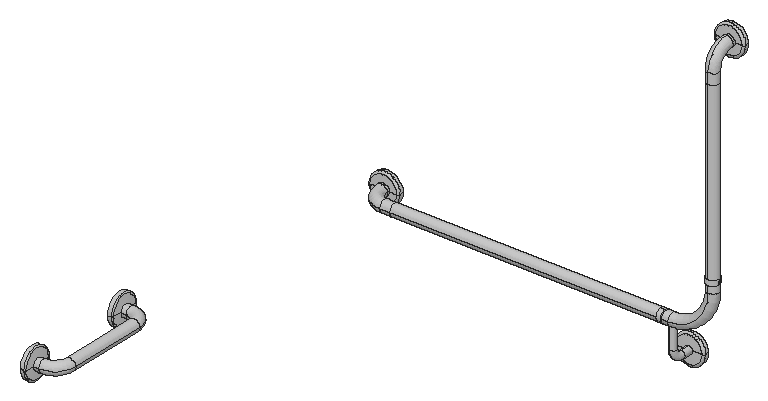
Revit family "RBA4901-300", category Plumbing Fixtures, Revit 2021
Family settings
  Round Connector Dimension = Use Diameter
  Part Type = Normal
  Work Plane-Based = No
  Always vertical = No
  Cut with Voids When Loaded = No
  Shared = No
  Room Calculation Point = No
Parameters
  Watermarked By = "www.rba.com.au"
  URL = "rba.com.au/product-category/accessible-disabled/grab-rails/"
  Phone Number = "1300 788 778"
  OFFSET = 800.00 mm
  Model = "RBA4901-300"
  Materials and Finishes = Stainless Steel Satin Finish
  Manufacturer Model = ""
  Manufacturer = "RBA Group"
  Distance Away from Wall [instance] = 100.00 mm
  Distance Away from Toilet [instance] = 1090.00 mm
  Description = "Steri+Shield™ LH Accessible Rail + 300mm Straight Kit | Satin Finish"
  Default Elevation = 0.00 mm
  Copyrighted by = "RBA Group"  # constant formula
  Assembly Code = ""
Reference planes
  plane 1 "Center (Front/Back)": y = 0
  plane 2: z = 0
  plane 3: x = 40.5
  plane 4: z = 800
  plane 5: z = 1500
  plane 6: x = -59.5
  plane 7: z = 700
  plane 8: x = -909.5
  plane 9: x = -1009.5
  plane 10: y = -54
  plane 11: y = -86
  plane 12: y = -1090
  plane 13: y = -1074
  plane 14: x = -954.5
  plane 15: x = -922.5
  plane 16: z = 816
  plane 17: x = 24.5
Dimensions and locks
  "OFFSET": plane 4 to plane 2
  plane 10 to plane 1 "Center (Front/Back)" = 54.00 mm
  plane 1 "Center (Front/Back)" to plane 11 = 86.00 mm
  "Distance Away from Wall": plane 9 to plane 8
  locked: plane 13 to plane 12 at 16
  "Distance Away from Toilet": plane 1 "Center (Front/Back)" to plane 12
Nested families
  nested 1: "RBA4901-901" at (-933, 0, 800), type "RBA4901-901"
  nested 2: "RBA4901-Straight-Series" at (-1009.5, -1074, 800) x (0, 1, 0) z (0, 0, 1), type "RBA4901-030"
Definition of nested family "RBA4901-901"
  Parameters (values of type "RBA4901-901")
    Watermarked By = "www.rba.com.au"
    URL = "www.rba.com.au"
    R_Void [instance] = 15.00 mm
    R [instance] = 0.00 mm
    Phone Number = ""
    Modified Issue = ""
    Model = "RBA4901-901"
    Materials and Finishes = none
    Manufacturer Model = "B819436"
    Manufacturer = "RBA Group"
    Description = "Steri+Shield™ Accessible 90° Grab Rail, LH, Satin"
    Default Elevation = 0.00 mm
    Copyrighted by = "RBA Group"  # constant formula
    Assembly Code = ""
  Reference planes
    plane 1 "Center (Front/Back)": y = 0
    plane 2: z = 0
    plane 3: x = 40.5
    plane 4: z = -30
    plane 5: z = 30
    plane 6: x = 70.5
    plane 7: x = 10.5
    plane 8: x = 990.5
    plane 9: x = 515.5
    plane 10: z = 670
    plane 11: z = 730
    plane 12: x = 960.5
    plane 13: x = 1020.5
    plane 14: z = 700
    plane 15: z = -130
    plane 16: z = -70
    plane 17: x = 910.5
    plane 18: x = 850.5
    plane 19: x = 835.5
    plane 20: z = -100
    plane 21: x = 974.5
    plane 22: z = 16
    plane 23: y = -70
    plane 24: y = -86
    plane 25: y = -54
    plane 26: y = -79.5
    plane 27: y = -60.5
  Forms (mm)
    Extrusion 1, solid
      sketch origin (40.5, -2.628, 315.907) x (0, 0, -1) y (-1, 0, 0)
        loop
          circle (315.907, 0) r 40
      from -0.219 to 2.628
    Revolve 2, solid
      sketch origin (40.5, 18.663, 0) x (0, -1, 0) y (1, 0, 0)
        loop
          line (18.663, 0) -> (18.663, -41.5) -> (27.844, -41.5)
          arc (27.844, -41.5) -> (31.337, -40.077) -> (32.842, -36.617) r 5
          line (32.842, -36.617) -> (33.701, 0) -> (18.663, 0)
        axis (18.663, 0) -> (33.701, 0)
      angle from 0 to 360
    Extrusion 3, void
      sketch origin (40.5, 34.941, 315.907) x (0, 0, -1) y (-1, 0, 0)
        loop
          circle (315.907, -30) r 5
        loop
          circle (315.907, 30) r 5
      from -37.788 to -30
    Sweep 4, solid
      path origin (40.5, 12.454, 0) x (0, -1, 0) y (-1, 0, 0)
        loop
          line (12.454, 0) -> (34.454, 0)
          arc (34.454, 0) -> (68.395, -14.059) -> (82.454, -48) r 48
          line (82.454, -48) -> (82.454, -76)
      profile origin (40.5, -11, 0) x (1, 0, 0) y (0, 0, 1)
        loop
          circle (0, 0) r 16
    Extrusion 5, solid
      sketch origin (990.5, -2.628, 1015.907) x (0, 0, -1) y (-1, 0, 0)
        loop
          circle (315.907, 0) r 40
      from -0.219 to 2.628
    Extrusion 6, void
      sketch origin (990.5, 34.941, 1015.907) x (0, 0, -1) y (-1, 0, 0)
        loop
          circle (315.907, 30) r 5
        loop
          circle (315.907, -30) r 5
      from -37.788 to -30
    Sweep 7, solid
      path origin (1690.5, 12.454, 700) x (0, -1, 0) y (0, 0, 1)
        loop
          line (12.454, 0) -> (34.454, 0)
          arc (34.454, 0) -> (68.395, -14.059) -> (82.454, -48) r 48
          line (82.454, -48) -> (82.454, -76)
      profile origin (1690.5, -11, 700) x (0, 0, 1) y (-1, 0, 0)
        loop
          circle (0, 700) r 16
    Revolve 8, solid
      sketch origin (990.5, 18.663, 700) x (0, -1, 0) y (1, 0, 0)
        loop
          line (18.663, 0) -> (33.701, 0) -> (32.842, 36.617)
          arc (32.842, 36.617) -> (31.337, 40.077) -> (27.844, 41.5) r 5
          line (27.844, 41.5) -> (18.663, 41.5) -> (18.663, 0)
        axis (18.663, 0) -> (33.701, 0)
      angle from 0 to 360
    Sweep 9, solid
      path origin (0, 0, 0) x (1, 0, 0) y (0, 0, 1)
        loop
          line (116.5, 0) -> (880.5, 0)
          arc (880.5, 0) -> (958.282, 32.218) -> (990.5, 110) r 110
          line (990.5, 110) -> (990.5, 624)
      profile origin (498.5, 0, 0) x (0, 0, 1) y (0, -1, 0)
        loop
          circle (0, 70) r 16
    Extrusion 10, solid
      sketch origin (880.5, -2.628, 215.907) x (0, 0, -1) y (-1, 0, 0)
        loop
          circle (315.907, 0) r 40
      from -0.219 to 2.628
    Revolve 11, solid
      sketch origin (880.5, 18.663, -100) x (0, -1, 0) y (1, 0, 0)
        loop
          line (18.663, 0) -> (18.663, -41.5) -> (27.844, -41.5)
          arc (27.844, -41.5) -> (31.337, -40.077) -> (32.842, -36.617) r 5
          line (32.842, -36.617) -> (33.701, 0) -> (18.663, 0)
        axis (18.663, 0) -> (33.701, 0)
      angle from 0 to 360
    Sweep 12, solid
      path origin (880.5, 12.454, -100) x (0, -1, 0) y (0, 0, -1)
        loop
          line (12.454, 0) -> (54.454, 0)
          arc (54.454, 0) -> (74.253, -8.201) -> (82.454, -28) r 28
          line (82.454, -28) -> (82.454, -100)
      profile origin (880.5, -21, -100) x (0, 0, -1) y (1, 0, 0)
        loop
          circle (0, 0) r 9.5
    Extrusion 13, void
      sketch origin (880.5, 34.941, 215.907) x (0, 0, -1) y (-1, 0, 0)
        loop
          circle (315.907, -30) r 5
        loop
          circle (315.907, 30) r 5
      from -37.788 to -30
    Extrusion 14, solid
      sketch origin (0, 0, 0) x (1, 0, 0) y (0, 1, 0)
        loop
          circle (990.5, -70) r 17
      from 142 to 130
    Extrusion 15, solid
      sketch origin (650.5, 0, 990.5) x (0, 0, -1) y (0, 1, 0)
        loop
          circle (990.5, -70) r 17
      from 210 to 198
  Cuts and joins
    Extrusion 3, Extrusion 6, Extrusion 13 cuts Extrusion 1
    Extrusion 3, Extrusion 6, Extrusion 13 cuts Revolve 2
    Extrusion 13 cuts Sweep 4
    Extrusion 6 cuts Revolve 8
    Extrusion 13 cuts Revolve 11
    joined: Revolve 2, Sweep 4, Sweep 7, Revolve 8, Sweep 9, Revolve 11, Sweep 12
    Extrusion 6 cuts Extrusion 5
    Extrusion 13 cuts Extrusion 10
  Dimensions and locks
    Revolve 2 sketch curve to Revolve 2 sketch curve = 41.50 mm
    plane 5 to level to plane 4 = 30.00 mm, 30.00 mm
    plane 7 to plane 6 = 60.00 mm
    plane 11 to plane 10 = 60.00 mm
    plane 12 to plane 13 = 60.00 mm
    Revolve 8 sketch curve to Revolve 8 sketch curve = 41.50 mm
    Revolve 11 sketch curve to Revolve 11 sketch curve = 41.50 mm
    plane 16 to plane 15 = 60.00 mm
    plane 18 to plane 17 = 60.00 mm
    level to plane 20 = 100.00 mm
    plane 14 to level = 700.00 mm
    plane 8 to plane 19 = 155.00 mm
    plane 8 to plane 3 = 950.00 mm
    radius of Extrusion 1 sketch curve = 40.00 mm
    radius of Sweep 4 sketch curve = 16.00 mm
    radius of Extrusion 5 sketch curve = 40.00 mm
    radius of Sweep 7 sketch curve = 16.00 mm
    radius of Extrusion 10 sketch curve = 40.00 mm
    radius of Sweep 12 sketch curve = 9.50 mm
    aligned and locked: Revolve 2 to Extrusion 1
    aligned and locked: Revolve 11 to Extrusion 10
Definition of nested family "RBA4901-Straight-Series"
  Parameters (values of type "RBA4901-060")
    Watermarked By = "www.rba.com.au"
    URL = "www.rba.com.au"
    Phone Number = ""
    OFFSET [instance] = 800.00 mm
    Modified Issue = ""
    Model = "RBA4901-Straight-Series"
    Materials & Finishes = none
    Manufacturer = "RBA Group"  # constant formula
    Lgth = 600.00 mm
    Diameter = 32.00 mm
    Description = "Steri+ShieldTM Straight Grab Rail, Satin"
    Default Elevation = 0.00 mm
    Copyright by = "RBA Group"  # constant formula
  Types (9, lengths in mm): name | URL | Phone Number | Modified Issue | Model | Lgth | Description
    RBA4901-040 | "www.rba.com.au" | "" | "20191108.1" | "RBA4000-040" | 400.00 | "Straight Grab Rail 400mm"
    RBA4901-120 | "http://www.rba.com.au/accessible-disabled/grab-rails" | "1300 788 778" | "20191004.01" | "RBA4000-120" | 1200.00 | "Straight Grab Rail 1200mm"
    RBA4901-100 | "http://www.rba.com.au/accessible-disabled/grab-rails" | "1300 788 778" | "20191004.01" | "RBA4000-100" | 1000.00 | "Straight Grab Rail 1000mm"
    RBA4901-080 | "http://www.rba.com.au/accessible-disabled/grab-rails" | "1300 788 778" | "20191004.01" | "RBA4000-080" | 800.00 | "Straight Grab Rail 800mm"
    RBA4901-090 | "www.rba.com.au" | "" | "20191004.01" | "RBA4000-090" | 900.00 | "Straight Grab Rail 900mm"
    RBA4901-070 | "www.rba.com.au" | "" | "20191004.01" | "RBA4000-075" | 700.00 | "Straight Grab Rail 750mm"
    RBA4901-060 | "www.rba.com.au" | "" | "" | "RBA4901-Straight-Series" | 600.00 | "Steri+ShieldTM Straight Grab Rail, Satin"
    RBA4901-045 | "www.rba.com.au" | "" | "20191004.01" | "RBA4000-045" | 200.00 | "Straight Grab Rail 450mm"
    RBA4901-030 | "www.rba.com.au" | "" | "20190510.1" | "RBA4000-030" | 300.00 | "Straight Grab Rail 300mm"
  Reference planes
    plane 1 "Center (Front/Back)": y = 0
    plane 2: z = 0
    plane 3 "Center (Left/Right)": x = 0
    plane 4: x = 0
    plane 5: x = 0
    plane 6: y = -57
    plane 7: y = -89
    plane 8: x = 600
    plane 9: z = 16
    plane 10: z = -16
  Forms (mm)
    Sweep 1, solid, material <- "Materials & Finishes"
      path origin (-273.954, -750, 0) x (0, -1, 0) y (1, 0, 0)
        loop
          line (-740, 873.954) -> (-719, 873.954)
          arc (-719, 873.954) -> (-690.716, 862.239) -> (-679, 833.954) r 40
          line (-679, 833.954) -> (-679, 313.954)
          arc (-679, 313.954) -> (-690.716, 285.67) -> (-719, 273.954) r 40
          line (-719, 273.954) -> (-740, 273.954)
      profile origin (300, -71, 0) x (0, -1, 0) y (0, 0, 1)
        loop
          circle (0, 0) r 16
    Extrusion 2, solid, material <- "Materials & Finishes"
      sketch origin (62.5, -2.628, -315.907) x (0, 0, 1) y (1, 0, 0)
        loop
          circle (315.907, -62.5) r 40
      from -0.206 to 2.628
    Revolve 3, solid, material <- "Materials & Finishes"
      sketch origin (62.5, 18.663, 0) x (-1, 0, 0) y (0, -1, 0)
        loop
          line (62.5, 18.663) -> (104, 18.663) -> (104, 28.968)
          arc (104, 28.968) -> (103.207, 31.014) -> (101.243, 31.992) r 3.037
          arc (101.243, 31.992) -> (81.892, 33.334) -> (62.5, 33.781) r 420.249
          line (62.5, 33.781) -> (62.5, 18.663)
        axis (62.5, 18.663) -> (62.5, 33.781)
      angle from 0 to 360
    Extrusion 4, void
      sketch origin (62.704, 34.941, -270.785) x (-0.515038, 0, 0.857167) y (0.857167, 0, 0.515038)
        loop
          circle (248.952, 111.432) r 4.75
        loop
          circle (279.854, 60.002) r 4.75
      from -37.775 to -34.941
    Extrusion 5, solid, material <- "Materials & Finishes"
      sketch origin (237.5, -2.628, -315.907) x (0, 0, 1) y (1, 0, 0)
        loop
          circle (315.907, 362.5) r 40
      from -0.206 to 2.628
    Revolve 6, solid, material <- "Materials & Finishes"
      sketch origin (237.5, 18.663, 0) x (-1, 0, 0) y (0, -1, 0)
        loop
          line (-362.5, 18.663) -> (-362.5, 33.781)
          arc (-362.5, 33.781) -> (-381.892, 33.334) -> (-401.243, 31.992) r 420.249
          arc (-401.243, 31.992) -> (-403.207, 31.014) -> (-404, 28.968) r 3.037
          line (-404, 28.968) -> (-404, 18.663) -> (-362.5, 18.663)
        axis (-362.5, 18.663) -> (-362.5, 33.781)
      angle from 0 to 360
    Extrusion 7, void
      sketch origin (362.704, 34.941, -270.785) x (-0.515038, 0, 0.857167) y (0.857167, 0, 0.515038)
        loop
          circle (125.343, 317.152) r 4.75
        loop
          circle (94.441, 368.582) r 4.75
      from -37.775 to -34.941
  Cuts and joins
    Extrusion 7 cuts Sweep 1
    Extrusion 4, Extrusion 7 cuts Extrusion 2
    Extrusion 4, Extrusion 7 cuts Revolve 3
    Extrusion 7 cuts Extrusion 5
    Extrusion 7 cuts Revolve 6
    joined: Sweep 1, Extrusion 2, Revolve 3, Extrusion 5, Revolve 6
  Dimensions and locks
    "Lgth": plane 3 "Center (Left/Right)" to plane 8
    radius of Sweep 1 sketch curve = 16.00 mm
    aligned and locked: level to plane 2
    aligned and locked: Revolve 3 to Extrusion 2
    aligned and locked: Extrusion 2 to Extrusion 4
    aligned and locked: Revolve 6 to Extrusion 5
  Automatic sketch dimensions
    Sweep 1 sketch curve to plane 8 = 0.00 mm
    Sweep 1 sketch curve to plane 3 "Center (Left/Right)" = 0.00 mm
    plane 6 to Sweep 1 sketch curve = 26.00 mm  (x2)
    Sweep 1 sketch curve to plane 6 = 14.00 mm
    plane 1 "Center (Front/Back)" to Sweep 1 sketch curve = 10.00 mm  (x2)
    Sweep 1 sketch curve to profile plane = 0.00 mm  (x2)
    Extrusion 2 sketch curve to level = 0.00 mm
    Extrusion 2 sketch curve to plane 3 "Center (Left/Right)" = 0.00 mm
    plane 1 "Center (Front/Back)" to Revolve 3 sketch curve = 0.00 mm
    Revolve 3 sketch curve to plane 3 "Center (Left/Right)" = 0.00 mm  (x2)
    plane 1 "Center (Front/Back)" to Revolve 3 sketch curve = 10.305 mm
    Revolve 3 sketch curve to plane 3 "Center (Left/Right)" = 38.463 mm
    Revolve 3 sketch curve to Revolve 3 sketch curve = 3.037 mm
    Revolve 3 sketch curve to plane 1 "Center (Front/Back)" = 405.131 mm
    Revolve 3 sketch curve to Revolve 3 sketch curve = 15.118 mm
    Revolve 3 sketch curve to plane 1 "Center (Front/Back)" = 21.537 mm
    Revolve 3 sketch curve to Revolve 3 sketch curve = 0.00 mm
    plane 6 to Revolve 3 sketch curve = 13.537 mm
    Extrusion 5 sketch curve to level = 0.00 mm
    plane 8 to Extrusion 5 sketch curve = 0.00 mm
    plane 1 "Center (Front/Back)" to Revolve 6 sketch curve = 0.00 mm
    Revolve 6 sketch curve to plane 8 = 0.00 mm  (x2)
    plane 1 "Center (Front/Back)" to Revolve 6 sketch curve = 10.305 mm
    Revolve 6 sketch curve to plane 8 = 38.463 mm
    Revolve 6 sketch curve to Revolve 6 sketch curve = 3.037 mm
    Revolve 6 sketch curve to plane 1 "Center (Front/Back)" = 405.131 mm
    Revolve 6 sketch curve to Revolve 6 sketch curve = 15.118 mm
    Revolve 6 sketch curve to plane 1 "Center (Front/Back)" = 21.537 mm
    Revolve 6 sketch curve to Revolve 6 sketch curve = 0.00 mm
    plane 6 to Revolve 6 sketch curve = 13.537 mm
    Extrusion 7 sketch curve to level = 0.00 mm  (x2)
    Extrusion 7 sketch curve to plane 8 = 30.00 mm
    Extrusion 7 sketch curve to Extrusion 7 sketch curve = 30.902 mm
    Extrusion 4 sketch curve to level = 0.00 mm  (x2)
    plane 3 "Center (Left/Right)" to Extrusion 4 sketch curve = 30.00 mm
    Extrusion 4 sketch curve to Extrusion 4 sketch curve = 30.902 mm
    radius of Extrusion 2 sketch curve = 40.00 mm
    radius of Extrusion 5 sketch curve = 40.00 mm
    radius of Extrusion 7 sketch curve = 4.75 mm  (x2)
    radius of Extrusion 4 sketch curve = 4.75 mm  (x2)
